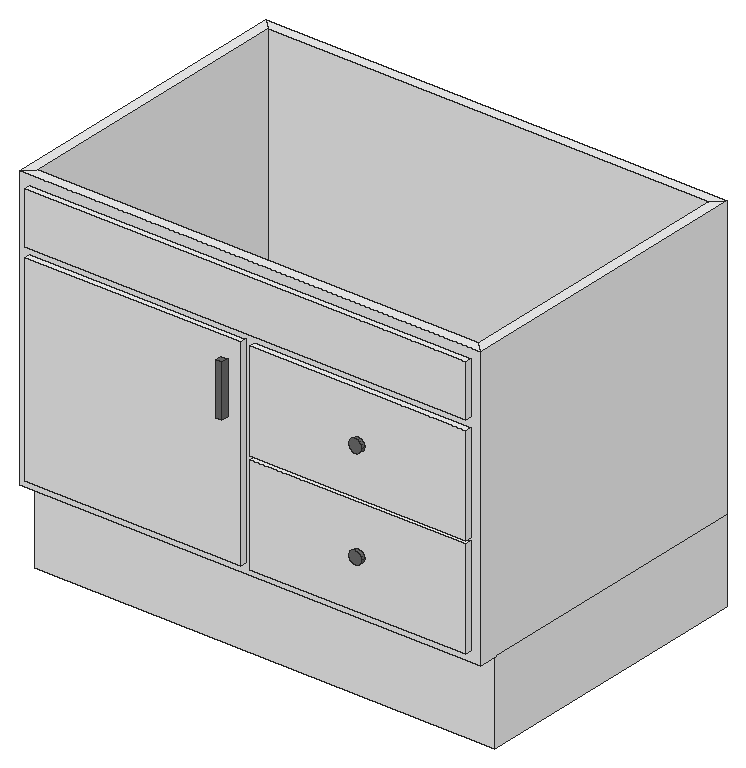
Revit family "Vanity Cabinet-Single Door Double Drawer (M)", category 케이스워크, Revit 2026
Family settings
  작업 기준면 기반 = 아니오
  항상 수직 = 예
  로드될 때 보이드를 사용하여 절단 = 아니오
  공유 = 아니오
  룸 계산 점 = 아니오
Parameters (values of type "900mm")
  기본 높이 = 0 mm
  Cabinet Material = none
  깊이 = 600 mm
  Door/Drawer Material = none
  Handle Material = Cabinets - Handles
  높이 = 710 mm
  Plinth Depth = 35 mm
  Plinth Height = 160 mm
  폭 = 900 mm
Types (4, lengths in mm): name | 폭
  (no name) | 900
  900mm | 900
  1000mm | 1000
  1200mm | 1200
Reference planes
  plane 1 "Back": y = 0
  plane 2: z = 0
  plane 3 "Center": x = 94.938
  plane 4 "Left": x = -355.062
  plane 5 "Right": x = 544.938
  plane 6 "Front": y = -600
  plane 7 "Top": z = 710
  plane 8: y = -565
  plane 9: z = 160
  plane 10: z = 690.95
  plane 11: z = 179.05
  plane 12: x = -336.012
  plane 13: x = 525.888
  plane 14: z = 589.35
  plane 15: z = 570.3
  plane 16: z = 532.2
  plane 17: z = 430.6
  plane 18: x = 60.013
  plane 19: x = 47.313
  plane 20: x = 85.413
  plane 21: x = 104.463
  plane 22: x = 315.175
  plane 23: z = 472.488
  plane 24: z = 276.862
  plane 25: z = 374.675
  plane 26: z = 374.675
Forms (mm)
  Extrusion 1, solid, material "Cabinets"
    sketch origin (0, 0, 0) x (1, 0, 0) y (0, 1, 0)
      loop
        line (-355.062, 0) -> (-355.062, -565) -> (544.938, -565) -> (544.938, 0) -> (-355.062, 0)
    from 0 to 160
  Sweep 2, solid, material "Cabinets"
    path origin (0, 0, 0) x (1, 0, 0) y (0, 1, 0)
      loop
        line (544.938, 0) -> (-355.062, 0) -> (-355.062, -600) -> (544.938, -600) -> (544.938, 0)
    profile origin (0, -300, 0) x (1, 0, 0) y (0, 0, 1)
      loop
        line (544.938, 160) -> (544.938, 710) -> (525.888, 710) -> (525.888, 160) -> (544.938, 160)
  Extrusion 3, solid, material "Cabinets"
    sketch origin (0, 0, 0) x (1, 0, 0) y (0, 1, 0)
      loop
        line (-336.012, -19.05) -> (-336.012, -580.95) -> (525.888, -580.95) -> (525.888, -19.05) -> (-336.012, -19.05)
    from 179.05 to 160
  Extrusion 4, solid, material "Cabinets - Handles" <- "Handle Material"
    sketch origin (0, -600, 0) x (1, 0, 0) y (0, 0, 1)
      loop
        circle (315.175, 472.488) r 12.7
    from 12.7 to 19.05
  Extrusion 5, solid, material "Cabinets - Handles" <- "Handle Material"
    sketch origin (0, -600, 0) x (1, 0, 0) y (0, 0, 1)
      loop
        circle (315.175, 276.862) r 12.7
    from 12.7 to 19.05
  Extrusion 6, solid, material <- "Door/Drawer Material"
    sketch origin (0, -600, 0) x (1, 0, 0) y (0, 0, 1)
      loop
        line (-336.012, 690.95) -> (-336.012, 589.35) -> (525.888, 589.35) -> (525.888, 690.95) -> (-336.012, 690.95)
      loop
        line (-336.012, 570.3) -> (-336.012, 179.05) -> (85.413, 179.05) -> (85.413, 570.3) -> (-336.012, 570.3)
      loop
        line (525.888, 570.3) -> (104.463, 570.3) -> (104.463, 377.85) -> (525.888, 377.85) -> (525.888, 570.3)
      loop
        line (525.888, 179.05) -> (525.888, 371.5) -> (104.463, 371.5) -> (104.463, 179.05) -> (525.888, 179.05)
    from 0 to 12.7
  Extrusion 7, solid, material "Cabinets - Handles" <- "Handle Material"
    sketch origin (0, -600, 0) x (1, 0, 0) y (0, 0, 1)
      loop
        line (60.013, 430.6) -> (60.013, 532.2) -> (47.313, 532.2) -> (47.313, 430.6) -> (60.013, 430.6)
    from 12.7 to 25.4
Lines and regions (mm)
  symbolic lines, style "Plan Rep - Below"
    curve 1: line (544.938, -600, 0) -> (-355.062, -600, 0)
    curve 2: line (544.938, 0, 0) -> (544.938, -600, 0)
    curve 3: line (-355.062, 0, 0) -> (544.938, 0, 0)
    curve 4: line (-355.062, -600, 0) -> (-355.062, 0, 0)
  model lines
    curve 5: line (525.888, -600, 589.35) -> (-336.012, -600, 589.35)
    curve 6: line (525.888, -600, 690.95) -> (525.888, -600, 589.35)
    curve 7: line (-336.012, -600, 690.95) -> (525.888, -600, 690.95)
    curve 8: line (-336.012, -600, 589.35) -> (-336.012, -600, 690.95)
    curve 9: line (-336.012, -600, 570.3) -> (85.413, -600, 570.3)
    curve 10: line (-336.012, -600, 179.05) -> (-336.012, -600, 570.3)
    curve 11: line (47.313, -600, 532.2) -> (60.013, -600, 532.2)
    curve 12: line (47.313, -600, 430.6) -> (47.313, -600, 532.2)
    curve 13: line (60.013, -600, 430.6) -> (47.313, -600, 430.6)
    curve 14: line (60.013, -600, 532.2) -> (60.013, -600, 430.6)
    curve 15: line (85.413, -600, 179.05) -> (85.413, -600, 570.3)
    curve 16: line (85.413, -600, 179.05) -> (-336.012, -600, 179.05)
  model lines, style "Casework"
    curve 17: line (104.463, -600, 179.05) -> (525.888, -600, 179.05)
    curve 18: line (104.463, -600, 570.3) -> (104.463, -600, 179.05)
    curve 19: line (525.888, -600, 570.3) -> (104.463, -600, 570.3)
    curve 20: line (525.888, -600, 179.05) -> (525.888, -600, 570.3)
    curve 23: line (525.888, -600, 374.675) -> (104.463, -600, 374.675)
  model lines, style "Elevation Swing"
    curve 21: arc (302.475, -600, 276.862) -> (315.175, -600, 264.162) -> (327.875, -600, 276.862) r 12.7
    curve 22: arc (327.875, -600, 276.862) -> (315.175, -600, 289.562) -> (302.475, -600, 276.862) r 12.7
  symbolic lines, style "Elevation Swing"
    curve 24: line (85.413, 0, 570.3) -> (-336.012, 0, 374.675)
    curve 25: line (-336.012, 0, 374.675) -> (85.413, 0, 179.05)
Dimensions and locks
  "깊이": plane 6 "Front" to plane 1 "Back"
  "폭": plane 4 "Left" to plane 5 "Right"
  equal spacing: plane 4 "Left", plane 3 "Center", plane 5 "Right"
  "높이": level to plane 7 "Top"
  "Plinth Height": plane 2 to plane 9
  "Plinth Depth": plane 6 "Front" to plane 8
  locked: plane 4 "Left" to plane 12 at 19.05
  locked: plane 13 to plane 5 "Right" at 19.05
  locked: plane 7 "Top" to plane 10 at 19.05
  locked: plane 11 to plane 9 at 19.05
  plane 10 to plane 14 to plane 15 = 101.6 mm locked, 19.05 mm locked
  plane 15 to plane 16 to plane 17 = 38.1 mm locked, 101.6 mm locked
  plane 21 to plane 3 "Center" to plane 20 = 9.525 mm locked, 9.525 mm locked
  plane 20 to plane 18 to plane 19 = 25.4 mm locked, 12.7 mm locked
  equal spacing: plane 13, plane 22, plane 21
  locked: plane 2 to level at 0
  equal spacing: plane 14, plane 25, plane 9
  equal spacing: plane 25, plane 24, plane 11
  equal spacing: plane 15, plane 23, plane 25
  equal spacing: plane 15, plane 26, plane 11
  aligned and locked: plane 1 "Back" to Extrusion 1 sketch curve
  aligned and locked: Extrusion 1 sketch curve to plane 5 "Right"
  aligned and locked: Extrusion 1 sketch curve to plane 8
  aligned and locked: plane 4 "Left" to Extrusion 1 sketch curve
  aligned and locked: Extrusion 1 to level
  aligned and locked: Sweep 2 sketch curve to plane 6 "Front"
  aligned and locked: plane 1 "Back" to Sweep 2 sketch curve
  aligned and locked: Sweep 2 sketch curve to plane 5 "Right"  (x2)
  aligned and locked: plane 4 "Left" to Sweep 2 sketch curve
  aligned and locked: plane 7 "Top" to Sweep 2 sketch curve
  aligned and locked: Sweep 2 sketch curve to plane 9
  aligned and locked: Sweep 2 to Extrusion 3 sketch curve  (x2)
  aligned and locked: Extrusion 3 sketch curve to Sweep 2  (x2)
  aligned and locked: Extrusion 3 to plane 11
  aligned and locked: plane 9 to Extrusion 3
  aligned and locked: Extrusion 1 to plane 9
  aligned and locked: plane 21 to curve 17
  aligned and locked: plane 11 to curve 17
  aligned and locked: plane 15 to curve 20
  aligned and locked: curve 20 to Sweep 2
  aligned and locked: plane 25 to curve 23
Automatic sketch dimensions
  profile plane to Sweep 2 sketch curve = 19.05 mm
  curve 1 to plane 4 "Left" = 0 mm
  curve 3 to plane 1 "Back" = 0 mm
  curve 3 to plane 5 "Right" = 0 mm
  curve 1 to plane 6 "Front" = 0 mm
  Extrusion 4 sketch curve to plane 23 = 0 mm
  Extrusion 4 sketch curve to plane 22 = 0 mm
  Extrusion 4 sketch curve to Extrusion 4 sketch curve = 12.7 mm
  Extrusion 5 sketch curve to plane 24 = 0 mm
  Extrusion 5 sketch curve to plane 22 = 0 mm
  Extrusion 5 sketch curve to Extrusion 5 sketch curve = 12.7 mm
  Extrusion 6 sketch curve to plane 10 = 0 mm
  Extrusion 6 sketch curve to plane 12 = 0 mm  (x2)
  Extrusion 6 sketch curve to plane 11 = 0 mm  (x2)
  Extrusion 6 sketch curve to plane 20 = 0 mm
  Extrusion 6 sketch curve to plane 21 = 0 mm  (x2)
  Extrusion 6 sketch curve to plane 13 = 0 mm  (x3)
  Extrusion 6 sketch curve to plane 15 = 0 mm  (x2)
  Extrusion 6 sketch curve to plane 14 = 0 mm
  Extrusion 6 sketch curve to plane 25 = 3.175 mm
  plane 25 to Extrusion 6 sketch curve = 3.175 mm
  Extrusion 7 sketch curve to plane 17 = 0 mm
  Extrusion 7 sketch curve to plane 19 = 0 mm
  Extrusion 7 sketch curve to plane 16 = 0 mm
  Extrusion 7 sketch curve to plane 18 = 0 mm
  curve 5 to plane 13 = 0 mm
  curve 22 to plane 24 = 0 mm
  curve 21 to plane 22 = 0 mm
  curve 15 to plane 15 = 0 mm
  curve 15 to plane 20 = 0 mm
  curve 24 to plane 15 = 0 mm
  curve 24 to plane 20 = 0 mm
  curve 25 to plane 11 = 0 mm
  curve 25 to plane 20 = 0 mm
  curve 14 to plane 16 = 0 mm
  curve 14 to plane 18 = 0 mm
  curve 12 to plane 17 = 0 mm
  curve 12 to plane 19 = 0 mm
  curve 9 to plane 12 = 0 mm
  curve 8 to plane 10 = 0 mm
  curve 8 to plane 12 = 0 mm
  curve 24 to plane 12 = 0 mm
  curve 5 to plane 14 = 0 mm
  curve 25 to plane 25 = 0 mm
  curve 10 to plane 11 = 0 mm
  curve 22 to plane 22 = 12.7 mm
